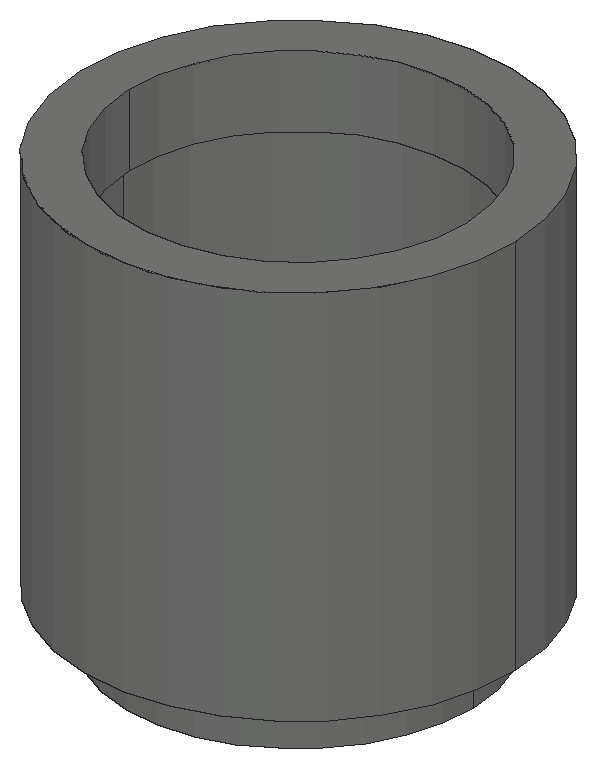
Revit family "Specialty_Equipment-Planter-Planters_Unlimited-Marek-Round", category Specialty Equipment, Revit 2023
Family settings
  Round Connector Dimension = Use Diameter
  Part Type = Normal
  OmniClass Number = 23.40.05.21.17
  OmniClass Title = Planters
  Work Plane-Based = No
  Enable Cutting in Views = Yes
  Always vertical = Yes
  Cut with Voids When Loaded = No
  Maintain Annotation Orientation = No
  Shared = No
  Room Calculation Point = No
Parameters (values of type "Default - Load Type Catalog")
  CD_Pads Offset Radius = (CD_Opening Diameter Bottom / 2) - 1"  # 6 1/4"
  CD_Pads Offset = CD_Pads Offset Radius / 1.4144  # 4.41895"
  CD_Opening Diameter Bottom = CD_Opening Diameter Top + 1" / 2  # 14 1/2"
  CD_Opening Diameter Top = CD_Diameter - 4"  # 14"
  URL = "https://www.plantersunlimited.com"
  Type Comments = "Round Planter"  # constant formula
  Model = "Marek Series Planters"  # constant formula
  Material = Plastic-Fiberglass-Carlsbad-Semi_Gloss-Charcoal
  Manufacturer = "Planters Unlimited"  # constant formula
  CD_Requested Diameter = 18"
  CD_Requested Height = 18"
  Description = "Modular Planting Bed"  # constant formula
  Default Elevation = 0"
  CD_Specification = ""
  CD_Product Page URL = "https://www.plantersunlimited.com/capri-round-planters/"
  CD_Product Name = "Marek Planter"  # constant formula
  CD_Offset = 0"
  CD_Microsite = ""
  CD_Diameter Min = 18"
  CD_Diameter Max = 72"
  CD_Height Min = 18"
  CD_Height Max = 60"
  CD_Height = if(CD_Requested Height < CD_Height Min, CD_Height Min, if(CD_Requested Height > CD_Height Max, CD_Height Max, CD_Requested Height))  # 18"
  CD_Diameter = if(CD_Requested Diameter < CD_Diameter Min, CD_Diameter Min, if(CD_Requested Diameter > CD_Diameter Max, CD_Diameter Max, CD_Requested Diameter))  # 18"
  Assembly Code = "G2050600"
Reference planes (in)
  plane 1 "Center (Front/Back)": y = 0
  plane 2 "Bottom": z = 0
  plane 3 "Center (Left/Right)": x = 0
  plane 4 "Left": x = -9
  plane 5 "Right": x = 9
  plane 6 "Top": z = 18
  plane 7 "Top of Pads": z = 2.125
  plane 8: z = 0
  plane 9 "Width Left": x = -7.25
  plane 10 "Width Right": x = 7.25
  plane 11 "Opening Bottom": z = 4.125
  plane 12 "Trim Left": x = -7
  plane 13 "Trim Right": x = 7
  plane 14 "Trim Depth": z = 15
  plane 15 "Stiffener Top": z = 12
  plane 16 "Stiffener Bottom": z = 6
  plane 17 "Diagonal Support Middle": through (-0.15468, -0.15468, 48) normal (-0.7071, 0.7071, 0)
  plane 18 "Back": y = 9
  plane 19 "Front": y = -9
  plane 20 "Bottom Pad": z = 0.125
Forms (in)
  Extrusion 1, solid, material "Plastic-Fiberglass-Carlsbad-Semi_Gloss-Charcoal" <- "Material", detail levels fine
    sketch origin (0, 0, 0) x (1, 0, 0) y (0, 1, 0)
      loop
        line (-4.41895, 4.41895) -> (-4.41895, 1.41895) -> (-1.41895, 1.41895) -> (-1.41895, 4.41895) -> (-4.41895, 4.41895)
      loop
        line (4.41895, 4.41895) -> (1.41895, 4.41895) -> (1.41895, 1.41895) -> (4.41895, 1.41895) -> (4.41895, 4.41895)
      loop
        line (-4.41895, -4.41895) -> (-1.41895, -4.41895) -> (-1.41895, -1.41895) -> (-4.41895, -1.41895) -> (-4.41895, -4.41895)
      loop
        line (4.41895, -4.41895) -> (4.41895, -1.41895) -> (1.41895, -1.41895) -> (1.41895, -4.41895) -> (4.41895, -4.41895)
    from 0 to 0.125
  Extrusion 2, solid, material "Plastic-Fiberglass-Carlsbad-Semi_Gloss-Charcoal" <- "Material", detail levels medium+fine
    sketch origin (0, 0, 0) x (1, 0, 0) y (0, 1, 0)
      loop
        circle (0, 0) r 9
    from 2.125 to 18
  Extrusion 3, void
    sketch origin (0, 0, 0) x (1, 0, 0) y (0, 1, 0)
      loop
        circle (0, 0) r 7
    from 15 to 18
  Extrusion 4, void
    sketch origin (0, 0, 0) x (1, 0, 0) y (0, 1, 0)
      loop
        circle (0, 0) r 7.25
    from 4.125 to 15
  Extrusion 5, solid, material "Plastic-Fiberglass-Carlsbad-Semi_Gloss-Charcoal" <- "Material", detail levels coarse
    sketch origin (0, 0, 0) x (1, 0, 0) y (0, 1, 0)
      loop
        circle (0, 0) r 9
    from 0 to 18
  Extrusion 6, solid, material "Plastic-Fiberglass-Carlsbad-Semi_Gloss-Charcoal" <- "Material", detail levels medium
    sketch origin (0, 0, 0) x (1, 0, 0) y (0, 1, 0)
      loop
        circle (0, 0) r 9
    from 2.125 to 18
  Extrusion 7, solid, material "Plastic-Fiberglass-Carlsbad-Semi_Gloss-Charcoal" <- "Material", detail levels fine
    sketch origin (0, 0, 0) x (1, 0, 0) y (0, 1, 0)
      loop
        circle (0, 0) r 7.25
    from 0.125 to 2.125
  Extrusion 8, solid, material "Plastic-Fiberglass-Carlsbad-Semi_Gloss-Charcoal" <- "Material", detail levels medium
    sketch origin (0, 0, 0) x (1, 0, 0) y (0, 1, 0)
      loop
        circle (0, 0) r 7.25
    from 0 to 2.125
Cuts and joins
  Extrusion 3, Extrusion 4 cuts Extrusion 2
  Extrusion 3, Extrusion 4 cuts Extrusion 5
  Extrusion 3, Extrusion 4 cuts Extrusion 6
Lines and regions (in)
  reference lines
    curve 1: circle (0, 0, 0) r 6.25 normal (0, 0, 1)
Dimensions and locks (in)
  equal spacing: plane 4 "Left", plane 3 "Center (Left/Right)", plane 5 "Right"
  "CD_Diameter": plane 4 "Left" to plane 5 "Right"
  locked: plane 4 "Left" to plane 9 "Width Left" at 1.75
  locked: plane 10 "Width Right" to plane 5 "Right" at 1.75
  locked: plane 11 "Opening Bottom" to plane 7 "Top of Pads" at 2
  locked: plane 4 "Left" to plane 12 "Trim Left" at 2
  locked: plane 13 "Trim Right" to plane 5 "Right" at 2
  locked: plane 6 "Top" to plane 14 "Trim Depth" at 3
  locked: Extrusion 1 sketch curve to Extrusion 1 sketch curve at 3  (x8)
  "CD_Pads Offset": Extrusion 1 to plane 3 "Center (Left/Right)"  (x2)
  "CD_Pads Offset": Extrusion 1 to plane 1 "Center (Front/Back)"  (x4)
  "CD_Pads Offset": plane 3 "Center (Left/Right)" to Extrusion 1  (x2)
  equal spacing: plane 18 "Back", plane 1 "Center (Front/Back)", plane 19 "Front"
  "CD_Diameter": plane 18 "Back" to plane 19 "Front"
  locked: plane 7 "Top of Pads" to plane 20 "Bottom Pad" at 2
  locked: plane 20 "Bottom Pad" to plane 2 "Bottom" at 0.125
  equal spacing: plane 6 "Top", plane 15 "Stiffener Top", plane 16 "Stiffener Bottom", plane 2 "Bottom"
  "CD_Height": plane 6 "Top" to plane 2 "Bottom"
  "CD_Offset": plane 2 "Bottom" to level
  "CD_Diameter": diameter of Extrusion 2 sketch curve
  "CD_Opening Diameter Top": diameter of Extrusion 3 sketch curve
  "CD_Opening Diameter Bottom": diameter of Extrusion 4 sketch curve
  "CD_Pads Offset Radius": radius of curve 1
  "CD_Diameter": diameter of Extrusion 5 sketch curve
  "CD_Diameter": diameter of Extrusion 6 sketch curve
  "CD_Opening Diameter Bottom": diameter of Extrusion 7 sketch curve
  "CD_Opening Diameter Bottom": diameter of Extrusion 8 sketch curve
  aligned and locked: Extrusion 1 to plane 2 "Bottom"
  aligned and locked: Extrusion 2 to plane 7 "Top of Pads"
  aligned and locked: plane 6 "Top" to Extrusion 2
  aligned and locked: plane 6 "Top" to Extrusion 3
  aligned and locked: Extrusion 3 to plane 14 "Trim Depth"
  aligned and locked: plane 14 "Trim Depth" to Extrusion 4
  aligned and locked: Extrusion 4 to plane 11 "Opening Bottom"
  aligned and locked: Extrusion 5 to plane 2 "Bottom"
  aligned and locked: plane 6 "Top" to Extrusion 5
  aligned and locked: plane 6 "Top" to Extrusion 6
  aligned and locked: plane 1 "Center (Front/Back)" to Extrusion 7 sketch curve
  aligned and locked: plane 3 "Center (Left/Right)" to Extrusion 7 sketch curve
  aligned and locked: plane 7 "Top of Pads" to Extrusion 7
  aligned and locked: Extrusion 7 to Extrusion 1
  aligned and locked: plane 20 "Bottom Pad" to Extrusion 1
  aligned and locked: Extrusion 8 to plane 2 "Bottom"
  aligned and locked: plane 7 "Top of Pads" to Extrusion 8
  aligned and locked: plane 1 "Center (Front/Back)" to Extrusion 8 sketch curve
  aligned and locked: plane 3 "Center (Left/Right)" to Extrusion 8 sketch curve
  aligned and locked: Extrusion 6 to plane 7 "Top of Pads"
Automatic sketch dimensions
  Extrusion 1 sketch curve to plane 17 "Diagonal Support Middle" = 0"
  plane 17 "Diagonal Support Middle" to Extrusion 1 sketch curve = 0"
  plane 12 "Trim Left" to Extrusion 1 sketch curve = 2.58105"  (x2)
  plane 18 "Back" to Extrusion 1 sketch curve = 4.58105"
  plane 19 "Front" to Extrusion 1 sketch curve = 4.58105"
  plane 3 "Center (Left/Right)" to Extrusion 1 sketch curve = 1.41895"
  Extrusion 1 sketch curve to plane 1 "Center (Front/Back)" = 1.41895"
  plane 1 "Center (Front/Back)" to curve 1 = 0"
  curve 1 to plane 3 "Center (Left/Right)" = 0"
  plane 1 "Center (Front/Back)" to Extrusion 2 sketch curve = 0"
  Extrusion 2 sketch curve to plane 3 "Center (Left/Right)" = 0"
  plane 1 "Center (Front/Back)" to Extrusion 3 sketch curve = 0"
  Extrusion 3 sketch curve to plane 3 "Center (Left/Right)" = 0"
  plane 1 "Center (Front/Back)" to Extrusion 4 sketch curve = 0"
  Extrusion 4 sketch curve to plane 3 "Center (Left/Right)" = 0"
  plane 1 "Center (Front/Back)" to Extrusion 5 sketch curve = 0"
  Extrusion 5 sketch curve to plane 3 "Center (Left/Right)" = 0"
  plane 1 "Center (Front/Back)" to Extrusion 6 sketch curve = 0"
  Extrusion 6 sketch curve to plane 3 "Center (Left/Right)" = 0"
